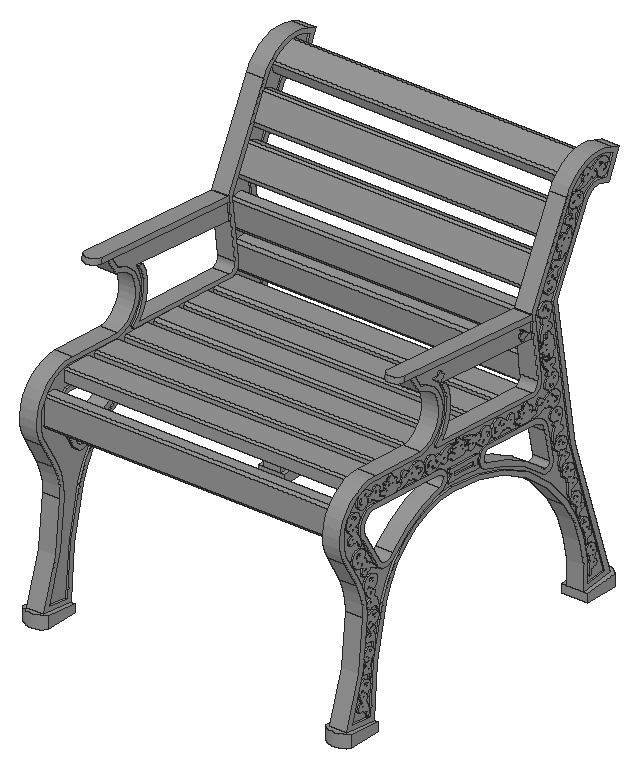
Revit family "Скамейка чугунная «Ретро стиль»", category Мебель, Revit 2017
Family settings
  Номер OmniClass = 23.40.20.00
  Заголовок OmniClass = General Furniture and Specialties
  На основе рабочей плоскости = Нет
  Всегда вертикально = Да
  При загрузке вырезать с полостями = Нет
  Общий = Нет
  Точка расчета площади = Нет
Parameters (values of type "Скамейка чугунная «Ретро стиль» Кресло")
  Стоимость = 16861
  Изготовитель = "ООО \"Хоббика\""
  URL = "https://hobbyka.ru/product/skameika_sadovaia_retro/?sphrase_id=64316"
  ADSK_Размер_Ширина сидения = 480 mm
  ADSK_Размер_Ширина = 650 mm
  ADSK_Размер_Длина = 600 mm
  ADSK_Размер_Высота спинки = 350 mm
  ADSK_Размер_Высота сидения = 380 mm
  ADSK_Размер_Высота = 740 mm
  ADSK_Наименование = "Скамейка чугунная «Ретро стиль» Кресло"
  ADSK_Материал опоры = Чугун, серый
  ADSK_Материал доски = Доска
  ADSK_Код изделия = "7728"
Reference planes
  plane 1 "По центру (Вперед/Назад)": y = 0
  plane 2: z = 0
  plane 3 "По центру (Влево/Вправо)": x = 0
  plane 4: x = 300
  plane 5: x = -300
  plane 6: x = -273
  plane 7: x = 273
Forms (mm)
  Extrusion 1, solid, material "Доска" <- "ADSK_Материал доски"
    sketch origin (0, 0, 0) x (0, 1, 0) y (0, 0, 1)
      loop
        line (-631.259, 334.534) -> (-627.485, 329.713) -> (-608.62, 329.713) -> (-608.62, 387.567) -> (-627.485, 387.567) -> (-631.259, 382.746) -> (-631.259, 334.534)
      loop
        line (-584.592, 388.935) -> (-526.753, 387.622) -> (-526.325, 406.483) -> (-531.059, 410.365) -> (-579.258, 411.459) -> (-584.164, 407.796) -> (-584.592, 388.935)
      loop
        line (-515.303, 387.102) -> (-457.529, 384.074) -> (-456.542, 402.914) -> (-461.159, 406.934) -> (-509.304, 409.457) -> (-514.316, 405.942) -> (-515.303, 387.102)
      loop
        line (-445.399, 383.438) -> (-387.625, 380.41) -> (-386.637, 399.25) -> (-391.255, 403.271) -> (-439.4, 405.794) -> (-444.412, 402.278) -> (-445.399, 383.438)
      loop
        line (-374.508, 398.615) -> (-375.495, 379.775) -> (-317.721, 376.747) -> (-316.733, 395.587) -> (-321.35, 399.607) -> (-369.496, 402.13) -> (-374.508, 398.615)
      loop
        line (-304.604, 394.951) -> (-305.591, 376.111) -> (-247.817, 373.083) -> (-246.829, 391.923) -> (-251.446, 395.943) -> (-299.592, 398.467) -> (-304.604, 394.951)
      loop
        line (-235.687, 372.447) -> (-177.913, 369.42) -> (-176.925, 388.26) -> (-181.542, 392.28) -> (-229.688, 394.803) -> (-234.7, 391.287) -> (-235.687, 372.447)
      loop
        line (-172.781, 393.951) -> (-154.057, 396.263) -> (-161.147, 453.681) -> (-179.871, 451.369) -> (-183.025, 446.122) -> (-177.116, 398.274) -> (-172.781, 393.951)
      loop
        line (-163.636, 471.736) -> (-170.726, 529.153) -> (-189.45, 526.841) -> (-192.604, 521.594) -> (-186.695, 473.746) -> (-182.359, 469.423) -> (-163.636, 471.736)
      loop
        line (-161.798, 547.072) -> (-137.201, 599.437) -> (-154.277, 607.458) -> (-159.742, 604.698) -> (-180.239, 561.061) -> (-178.873, 555.093) -> (-161.798, 547.072)
      loop
        line (-127.785, 619.482) -> (-103.189, 671.847) -> (-120.264, 679.868) -> (-125.729, 677.108) -> (-146.227, 633.471) -> (-144.861, 627.503) -> (-127.785, 619.482)
      loop
        line (-94.157, 693.118) -> (-39.927, 713.27) -> (-46.498, 730.954) -> (-52.331, 732.812) -> (-97.524, 716.019) -> (-100.729, 710.802) -> (-94.157, 693.118)
    from -273 to 273
Dimensions and locks
  equal spacing: plane 5, plane 3 "По центру (Влево/Вправо)", plane 4
  "ADSK_Размер_Длина": plane 5 to plane 4
  locked: plane 5 to plane 6 at 27
  locked: plane 7 to plane 4 at 27
  aligned and locked: level to plane 2
  aligned and locked: plane 5 to nested 1
  aligned and locked: plane 4 to nested 2
  aligned and locked: Extrusion 1 to plane 7
  aligned and locked: Extrusion 1 to plane 6
Automatic sketch dimensions
  plane 1 "По центру (Вперед/Назад)" to Extrusion 1 sketch curve = 631.259 mm
  level to Extrusion 1 sketch curve = 382.746 mm
  Extrusion 1 sketch curve to Extrusion 1 sketch curve = 3.773 mm  (x2)
  Extrusion 1 sketch curve to Extrusion 1 sketch curve = 48.212 mm
  Extrusion 1 sketch curve to Extrusion 1 sketch curve = 4.821 mm  (x2)
  Extrusion 1 sketch curve to Extrusion 1 sketch curve = 18.866 mm
  Extrusion 1 sketch curve to Extrusion 1 sketch curve = 24.456 mm
  Extrusion 1 sketch curve to Extrusion 1 sketch curve = 20.229 mm
  Extrusion 1 sketch curve to Extrusion 1 sketch curve = 0.428 mm
  Extrusion 1 sketch curve to Extrusion 1 sketch curve = 4.906 mm
  Extrusion 1 sketch curve to Extrusion 1 sketch curve = 18.861 mm
  Extrusion 1 sketch curve to Extrusion 1 sketch curve = 3.663 mm
  Extrusion 1 sketch curve to Extrusion 1 sketch curve = 48.199 mm
  Extrusion 1 sketch curve to Extrusion 1 sketch curve = 1.094 mm
  Extrusion 1 sketch curve to Extrusion 1 sketch curve = 4.306 mm
  Extrusion 1 sketch curve to Extrusion 1 sketch curve = 22.743 mm
  Extrusion 1 sketch curve to Extrusion 1 sketch curve = 4.734 mm
  Extrusion 1 sketch curve to Extrusion 1 sketch curve = 3.882 mm
  Extrusion 1 sketch curve to Extrusion 1 sketch curve = 12.009 mm
  Extrusion 1 sketch curve to Extrusion 1 sketch curve = 0.542 mm
  Extrusion 1 sketch curve to Extrusion 1 sketch curve = 11.449 mm
  Extrusion 1 sketch curve to Extrusion 1 sketch curve = 5.012 mm  (x5)
  Extrusion 1 sketch curve to Extrusion 1 sketch curve = 0.521 mm
  Extrusion 1 sketch curve to Extrusion 1 sketch curve = 3.516 mm  (x5)
  Extrusion 1 sketch curve to Extrusion 1 sketch curve = 48.145 mm  (x4)
  Extrusion 1 sketch curve to Extrusion 1 sketch curve = 2.523 mm  (x4)
  Extrusion 1 sketch curve to Extrusion 1 sketch curve = 3.63 mm  (x4)
  Extrusion 1 sketch curve to Extrusion 1 sketch curve = 22.86 mm  (x4)
  Extrusion 1 sketch curve to Extrusion 1 sketch curve = 4.617 mm  (x5)
  Extrusion 1 sketch curve to Extrusion 1 sketch curve = 4.02 mm  (x5)
  Extrusion 1 sketch curve to Extrusion 1 sketch curve = 12.13 mm  (x7)
  Extrusion 1 sketch curve to Extrusion 1 sketch curve = 0.636 mm  (x7)
  Extrusion 1 sketch curve to Extrusion 1 sketch curve = 17.142 mm
  Extrusion 1 sketch curve to Extrusion 1 sketch curve = 2.88 mm
  Extrusion 1 sketch curve to Extrusion 1 sketch curve = 51.775 mm
  Extrusion 1 sketch curve to Extrusion 1 sketch curve = 25.383 mm
  Extrusion 1 sketch curve to Extrusion 1 sketch curve = 0.987 mm
  Extrusion 1 sketch curve to Extrusion 1 sketch curve = 18.84 mm
  Extrusion 1 sketch curve to Extrusion 1 sketch curve = 4.426 mm
  Extrusion 1 sketch curve to Extrusion 1 sketch curve = 5.994 mm
  Extrusion 1 sketch curve to Extrusion 1 sketch curve = 5.909 mm  (x2)
  Extrusion 1 sketch curve to Extrusion 1 sketch curve = 4.336 mm  (x2)
  Extrusion 1 sketch curve to Extrusion 1 sketch curve = 4.322 mm  (x2)
  Extrusion 1 sketch curve to Extrusion 1 sketch curve = 47.848 mm  (x2)
  Extrusion 1 sketch curve to Extrusion 1 sketch curve = 18.724 mm
  Extrusion 1 sketch curve to Extrusion 1 sketch curve = 2.312 mm
  Extrusion 1 sketch curve to Extrusion 1 sketch curve = 21.877 mm  (x2)
  Extrusion 1 sketch curve to Extrusion 1 sketch curve = 7.559 mm  (x2)
  Extrusion 1 sketch curve to Extrusion 1 sketch curve = 3.154 mm  (x2)
  Extrusion 1 sketch curve to Extrusion 1 sketch curve = 5.247 mm  (x2)
  Extrusion 1 sketch curve to Extrusion 1 sketch curve = 2.489 mm  (x2)
  Extrusion 1 sketch curve to Extrusion 1 sketch curve = 18.055 mm  (x2)
  Extrusion 1 sketch curve to Extrusion 1 sketch curve = 8.147 mm
  Extrusion 1 sketch curve to Extrusion 1 sketch curve = 25.94 mm
  Extrusion 1 sketch curve to Extrusion 1 sketch curve = 1.365 mm  (x2)
  Extrusion 1 sketch curve to Extrusion 1 sketch curve = 17.076 mm  (x2)
  Extrusion 1 sketch curve to Extrusion 1 sketch curve = 8.021 mm  (x2)
  Extrusion 1 sketch curve to Extrusion 1 sketch curve = 5.968 mm  (x2)
  Extrusion 1 sketch curve to Extrusion 1 sketch curve = 20.497 mm  (x2)
  Extrusion 1 sketch curve to Extrusion 1 sketch curve = 43.637 mm  (x2)
  Extrusion 1 sketch curve to Extrusion 1 sketch curve = 22.541 mm  (x2)
  Extrusion 1 sketch curve to Extrusion 1 sketch curve = 5.261 mm  (x2)
  Extrusion 1 sketch curve to Extrusion 1 sketch curve = 5.465 mm  (x2)
  Extrusion 1 sketch curve to Extrusion 1 sketch curve = 2.76 mm  (x2)
  Extrusion 1 sketch curve to Extrusion 1 sketch curve = 9.416 mm
  Extrusion 1 sketch curve to Extrusion 1 sketch curve = 20.045 mm
  Extrusion 1 sketch curve to Extrusion 1 sketch curve = 19.536 mm
  Extrusion 1 sketch curve to Extrusion 1 sketch curve = 30.935 mm
  Extrusion 1 sketch curve to Extrusion 1 sketch curve = 3.205 mm
  Extrusion 1 sketch curve to Extrusion 1 sketch curve = 6.571 mm
  Extrusion 1 sketch curve to Extrusion 1 sketch curve = 17.684 mm
  Extrusion 1 sketch curve to Extrusion 1 sketch curve = 5.216 mm
  Extrusion 1 sketch curve to Extrusion 1 sketch curve = 45.192 mm
  Extrusion 1 sketch curve to Extrusion 1 sketch curve = 16.793 mm
  Extrusion 1 sketch curve to Extrusion 1 sketch curve = 12.405 mm
  Extrusion 1 sketch curve to Extrusion 1 sketch curve = 19.542 mm
  Extrusion 1 sketch curve to Extrusion 1 sketch curve = 5.833 mm
  Extrusion 1 sketch curve to Extrusion 1 sketch curve = 1.858 mm
Nested families
  nested 1: "Опора" at (-300, -222.675, 0), Материал <- "ADSK_Материал опоры", type "Опора"
    with Материал Чугун, серый
  nested 2: "Опора" at (300, -222.675, 0) x (-1, 0, 0) z (0, 0, 1), Материал <- "ADSK_Материал опоры", type "Опора"
    with Материал Чугун, серый
Definition of nested family "Опора"
  Parameters (values of type "Опора")
    Материал [instance] = none
  Reference planes
    plane 1 "По центру (Вперед/Назад)": y = 0
    plane 2: z = 0
    plane 3 "По центру (Влево/Вправо)": x = 0
    plane 4 "1": through (0, -265.499, 551.299) normal (0, -0.093, -0.9957)
  Forms (mm)
    Extrusion 1, solid, material <- "Материал"
      sketch origin (0, 0, 0) x (0, 1, 0) y (0, 0, 1)
        loop
          line (-414.876, 22.967) -> (-351.312, 16)
          arc (-351.312, 16) -> (-343.288, 109.903) -> (-323.264, 201.997) r 731.874
          arc (-323.264, 201.997) -> (-264.401, 287.034) -> (-166.064, 319.062) r 161.836
          arc (-166.064, 319.062) -> (-19.437, 282.321) -> (94.621, 183.123) r 324.388
          arc (94.621, 183.123) -> (132.276, 103.627) -> (139.96, 16) r 249.161
          line (139.96, 16) -> (202.402, 22.844)
          arc (202.402, 22.844) -> (120.139, 273.004) -> (78.692, 533.061) r 1651.125
          line (78.692, 533.061) -> (148.595, 669.132)
          arc (148.595, 669.132) -> (165.139, 683.697) -> (187.172, 683.068) r 30.076
          line (187.172, 683.068) -> (199.423, 678.718) -> (222.675, 729.234) -> (205.727, 735.321)
          arc (205.727, 735.321) -> (145.281, 736.172) -> (100.077, 696.034) r 83.565
          line (100.077, 696.034) -> (18.723, 534.606) -> (19.734, 524.657) -> (-265.499, 551.299) -> (-246.717, 521.254)
          arc (-246.717, 521.254) -> (-198.582, 472.873) -> (-240.638, 419.124) r 51.551
          line (-240.638, 419.124) -> (-347.739, 425.825)
          arc (-347.739, 425.825) -> (-419.352, 388.577) -> (-419.913, 307.858) r 78.226
          line (-419.913, 307.858) -> (-391.041, 259.16)
          arc (-391.041, 259.16) -> (-380.145, 230.378) -> (-376.679, 199.798) r 123.904
          arc (-376.679, 199.798) -> (-386.745, 109.431) -> (-414.876, 22.967) r 447.331
        loop
          line (22.79, 490.5) -> (-182.719, 509.695)
          arc (-182.719, 509.695) -> (-172.394, 461.498) -> (-191.466, 416.047) r 82.287
          line (-191.466, 416.047) -> (20.43, 402.788)
          arc (20.43, 402.788) -> (30.669, 407.642) -> (32.001, 418.894) r 11.707
          line (32.001, 418.894) -> (22.79, 490.5)
        loop
          line (-198.361, 361.199) -> (-348.695, 370.605)
          arc (-348.695, 370.605) -> (-371.008, 359) -> (-371.183, 333.85) r 24.374
          line (-371.183, 333.85) -> (-338.031, 277.931)
          arc (-338.031, 277.931) -> (-322.548, 269.111) -> (-307.065, 277.931) r 18
          arc (-307.065, 277.931) -> (-256.623, 316.916) -> (-196.816, 338.99) r 210.248
          arc (-196.816, 338.99) -> (-187.86, 350.771) -> (-198.361, 361.199) r 11.229
        loop
          line (27.876, 347.043) -> (-83.685, 354.023)
          arc (-83.685, 354.023) -> (-94.381, 343.215) -> (-85.116, 331.158) r 11.561
          arc (-85.116, 331.158) -> (-13.922, 304.459) -> (49.884, 263.103) r 352.242
          arc (49.884, 263.103) -> (58.282, 263.697) -> (61.123, 271.621) r 7.705
          arc (61.123, 271.621) -> (54.737, 299.235) -> (48.705, 326.929) r 2211.03
          arc (48.705, 326.929) -> (41.444, 340.252) -> (27.876, 347.043) r 25.352
      from 0 to 32
    Extrusion 2, void
      sketch origin (0, 0, 0) x (0, 1, 0) y (0, 0, 1)
        loop
          line (194.923, 688.075) -> (211.351, 723.765)
          arc (211.351, 723.765) -> (152.618, 730.203) -> (107.206, 692.405) r 75.565
          line (107.206, 692.405) -> (25.691, 530.655) -> (39.82, 420.814)
          arc (39.82, 420.814) -> (36.816, 402.502) -> (19.931, 394.804) r 19.707
          line (19.931, 394.804) -> (-203.744, 408.8) -> (-205.324, 413.316)
          arc (-205.324, 413.316) -> (-180.655, 459.589) -> (-192.694, 510.627) r 74.287
          line (-192.694, 510.627) -> (23.211, 490.461) -> (19.734, 524.657) -> (-255.479, 550.363) -> (-242.01, 528.817)
          arc (-242.01, 528.817) -> (-190.498, 470.732) -> (-240.187, 411.08) r 59.551
          line (-240.187, 411.08) -> (-348.238, 417.841)
          arc (-348.238, 417.841) -> (-412.528, 384.402) -> (-413.032, 311.938) r 70.226
          line (-413.032, 311.938) -> (-384.062, 263.075)
          arc (-384.062, 263.075) -> (-372.394, 232.36) -> (-368.68, 199.715) r 131.904
          arc (-368.68, 199.715) -> (-377.808, 113.067) -> (-403.274, 29.744) r 455.331
          line (-403.274, 29.744) -> (-359.077, 24.899)
          arc (-359.077, 24.899) -> (-350.534, 115.417) -> (-330.954, 204.203) r 739.874
          arc (-330.954, 204.203) -> (-269.182, 293.448) -> (-165.981, 327.062) r 169.836
          arc (-165.981, 327.062) -> (-15.738, 289.414) -> (101.133, 187.77) r 332.388
          arc (101.133, 187.77) -> (138.677, 110.41) -> (148.619, 24.997) r 257.161
          line (148.619, 24.997) -> (190.913, 29.633)
          arc (190.913, 29.633) -> (110.847, 277.429) -> (70.541, 534.701) r 1659.125
          line (70.541, 534.701) -> (141.478, 672.785)
          arc (141.478, 672.785) -> (164.885, 692.017) -> (194.923, 688.075) r 38.076
        loop
          arc (56.542, 328.535) -> (46.83, 346.171) -> (28.738, 355.004) r 33.352
          line (28.738, 355.004) -> (-83.656, 362.037)
          arc (-83.656, 362.037) -> (-102.334, 344.14) -> (-86.924, 323.363) r 19.561
          arc (-86.924, 323.363) -> (-17.184, 297.145) -> (45.28, 256.535) r 344.242
          arc (45.28, 256.535) -> (62.779, 257.074) -> (68.906, 273.474) r 15.705
          arc (68.906, 273.474) -> (62.548, 300.965) -> (56.542, 328.535) r 2203.03
        loop
          arc (-348.196, 378.59) -> (-377.832, 363.175) -> (-378.065, 329.77) r 32.374
          line (-378.065, 329.77) -> (-344.912, 273.851)
          arc (-344.912, 273.851) -> (-323.046, 261.116) -> (-300.708, 273.004) r 26
          arc (-300.708, 273.004) -> (-252.391, 310.114) -> (-195.216, 331.152) r 202.248
          arc (-195.216, 331.152) -> (-179.879, 351.326) -> (-197.861, 369.183) r 19.229
          line (-197.861, 369.183) -> (-348.196, 378.59)
        loop
          arc (-110.524, 355.781) -> (-140.038, 356.222) -> (-169.454, 358.66) r 435.625
          line (-169.454, 358.66) -> (-173.995, 358.882) -> (-174.127, 354.635)
          arc (-174.127, 354.635) -> (-169.331, 347.983) -> (-174.53, 341.641) r 6.725
          line (-174.53, 341.641) -> (-174.686, 336.624) -> (-169.454, 336.282)
          arc (-169.454, 336.282) -> (-140.904, 336.42) -> (-112.616, 332.566) r 203.772
          line (-112.616, 332.566) -> (-105.839, 332.123) -> (-105.622, 337.234)
          arc (-105.622, 337.234) -> (-110.321, 344.44) -> (-105.028, 351.222) r 7.4
          line (-105.028, 351.222) -> (-104.846, 355.504) -> (-110.524, 355.781)
        loop
          arc (-114.986, 349.722) -> (-139.562, 350.193) -> (-164.067, 352.119) r 415.053
          arc (-164.067, 352.119) -> (-163.397, 347.295) -> (-164.654, 342.589) r 12.284
          arc (-164.654, 342.589) -> (-139.954, 342.359) -> (-115.435, 339.372) r 220.861
          arc (-115.435, 339.372) -> (-116.243, 344.592) -> (-114.986, 349.722) r 13.499
      from -30.599 to 5
    Extrusion 3, void
      sketch origin (32, 0, 0) x (0, 1, 0) y (0, 0, -1)
        loop
          arc (194.923, -688.075) -> (164.885, -692.017) -> (141.478, -672.785) r 38.076
          line (141.478, -672.785) -> (70.541, -534.701)
          arc (70.541, -534.701) -> (110.847, -277.429) -> (190.913, -29.633) r 1659.125
          line (190.913, -29.633) -> (148.619, -24.997)
          arc (148.619, -24.997) -> (138.677, -110.41) -> (101.133, -187.77) r 257.161
          arc (101.133, -187.77) -> (-15.738, -289.414) -> (-165.981, -327.062) r 332.388
          arc (-165.981, -327.062) -> (-269.182, -293.448) -> (-330.954, -204.203) r 169.836
          arc (-330.954, -204.203) -> (-350.534, -115.417) -> (-359.077, -24.899) r 739.874
          line (-359.077, -24.899) -> (-403.274, -29.744)
          arc (-403.274, -29.744) -> (-377.808, -113.067) -> (-368.68, -199.715) r 455.331
          arc (-368.68, -199.715) -> (-372.394, -232.36) -> (-384.062, -263.075) r 131.904
          line (-384.062, -263.075) -> (-413.032, -311.938)
          arc (-413.032, -311.938) -> (-412.528, -384.402) -> (-348.238, -417.841) r 70.226
          line (-348.238, -417.841) -> (-240.187, -411.08)
          arc (-240.187, -411.08) -> (-190.498, -470.732) -> (-242.01, -528.817) r 59.551
          line (-242.01, -528.817) -> (-255.479, -550.363) -> (19.734, -524.657) -> (23.211, -490.461) -> (-192.694, -510.627)
          arc (-192.694, -510.627) -> (-180.655, -459.589) -> (-205.324, -413.316) r 74.287
          line (-205.324, -413.316) -> (-203.744, -408.8) -> (19.931, -394.804)
          arc (19.931, -394.804) -> (36.816, -402.502) -> (39.82, -420.814) r 19.707
          line (39.82, -420.814) -> (25.691, -530.655) -> (107.206, -692.405)
          arc (107.206, -692.405) -> (152.618, -730.203) -> (211.351, -723.765) r 75.565
          line (211.351, -723.765) -> (194.923, -688.075)
        loop
          arc (56.542, -328.535) -> (62.548, -300.965) -> (68.906, -273.474) r 2203.03
          arc (68.906, -273.474) -> (62.779, -257.074) -> (45.28, -256.535) r 15.705
          arc (45.28, -256.535) -> (-17.184, -297.145) -> (-86.924, -323.363) r 344.242
          arc (-86.924, -323.363) -> (-102.334, -344.14) -> (-83.656, -362.037) r 19.561
          line (-83.656, -362.037) -> (28.738, -355.004)
          arc (28.738, -355.004) -> (46.83, -346.171) -> (56.542, -328.535) r 33.352
        loop
          line (-348.196, -378.59) -> (-197.861, -369.183)
          arc (-197.861, -369.183) -> (-179.879, -351.326) -> (-195.216, -331.152) r 19.229
          arc (-195.216, -331.152) -> (-252.391, -310.114) -> (-300.708, -273.004) r 202.248
          arc (-300.708, -273.004) -> (-323.046, -261.116) -> (-344.912, -273.851) r 26
          line (-344.912, -273.851) -> (-378.065, -329.77)
          arc (-378.065, -329.77) -> (-377.832, -363.175) -> (-348.196, -378.59) r 32.374
        loop
          line (-110.524, -355.781) -> (-104.846, -355.504) -> (-105.028, -351.222)
          arc (-105.028, -351.222) -> (-110.321, -344.44) -> (-105.622, -337.234) r 7.4
          line (-105.622, -337.234) -> (-105.839, -332.123) -> (-112.616, -332.566)
          arc (-112.616, -332.566) -> (-140.904, -336.42) -> (-169.454, -336.282) r 203.772
          line (-169.454, -336.282) -> (-174.686, -336.624) -> (-174.53, -341.641)
          arc (-174.53, -341.641) -> (-169.331, -347.983) -> (-174.127, -354.635) r 6.725
          line (-174.127, -354.635) -> (-173.995, -358.882) -> (-169.454, -358.66)
          arc (-169.454, -358.66) -> (-140.038, -356.222) -> (-110.524, -355.781) r 435.625
        loop
          arc (-114.986, -349.722) -> (-116.243, -344.592) -> (-115.435, -339.372) r 13.499
          arc (-115.435, -339.372) -> (-139.954, -342.359) -> (-164.654, -342.589) r 220.861
          arc (-164.654, -342.589) -> (-163.397, -347.295) -> (-164.067, -352.119) r 12.284
          arc (-164.067, -352.119) -> (-139.562, -350.193) -> (-114.986, -349.722) r 415.053
      from -30.599 to 5
    Extrusion 4, solid, material <- "Материал"
      sketch origin (0, 48.752, 521.947) x (0, -0.995666, 0.092999) y (-1, 0, 0)
        loop
          line (31.076, -32) -> (329.844, -32)
          arc (329.844, -32) -> (345.844, -16) -> (329.844, 0) r 16
          line (329.844, 0) -> (31.076, 0) -> (31.076, -32)
      from 0 to -9.812
    Extrusion 5, solid, material <- "Материал"
      sketch origin (0, 0, 0) x (1, 0, 0) y (0, 1, 0)
        loop
          arc (40, 202.402) -> (16, 214.402) -> (-8, 202.402) r 30
          line (-8, 202.402) -> (-8, 139.96) -> (40, 139.96) -> (40, 202.402)
        loop
          line (40, -413.754) -> (40, -351.312) -> (-8, -351.312) -> (-8, -413.754)
          arc (-8, -413.754) -> (16, -425.754) -> (40, -413.754) r 30
      from 0 to 70.557
    Extrusion 6, void
      sketch origin (0, 0, 0) x (0, 1, 0) y (0, 0, 1)
        loop
          line (-443.576, 26.113) -> (-351.312, 16) -> (139.96, 16) -> (251.424, 28.218) -> (251.424, 91.113) -> (-443.576, 91.113) -> (-443.576, 26.113)
      from -53.662 to 79.531
    Extrusion 7, solid, material <- "Материал"
      sketch origin (0, 0, 0) x (0, 1, 0) y (0, 0, 1)
        loop
          spline (194.682, 697.503) -> (196.421, 699.184) -> (197.903, 701.075) -> (199.1, 703.142) -> (199.989, 705.346) -> (200.555, 707.645) -> (200.786, 709.997) -> (200.678, 712.358) -> (200.234, 714.684) -> (199.461, 716.931) -> (198.374, 719.058) -> (196.993, 721.025) -> (195.344, 722.794)
          spline (195.344, 722.794) -> (193.958, 723.964) -> (192.451, 724.99) -> (190.841, 725.861) -> (189.145, 726.569) -> (187.381, 727.105) -> (185.569, 727.463) -> (183.728, 727.64) -> (181.878, 727.634) -> (180.04, 727.444) -> (178.232, 727.074) -> (176.476, 726.526) -> (174.789, 725.807)
          spline (174.789, 725.807) -> (173.119, 724.966) -> (171.473, 724.084) -> (169.852, 723.161) -> (168.257, 722.199) -> (166.69, 721.196) -> (165.15, 720.155) -> (163.639, 719.076) -> (162.159, 717.959) -> (160.71, 716.806) -> (159.294, 715.617) -> (157.91, 714.393) -> (156.561, 713.135)
          spline (156.561, 713.135) -> (156.723, 714.218) -> (156.751, 715.312) -> (156.646, 716.402) -> (156.409, 717.474) -> (156.043, 718.512) -> (155.553, 719.503) -> (154.946, 720.434) -> (154.229, 721.291) -> (153.414, 722.064) -> (152.51, 722.742) -> (151.53, 723.316) -> (150.486, 723.777)
          spline (150.486, 723.777) -> (149.1, 724.261) -> (147.637, 724.441) -> (146.169, 724.308) -> (144.769, 723.868) -> (143.507, 723.143) -> (142.446, 722.169) -> (141.638, 720.995) -> (141.124, 719.68) -> (140.929, 718.287) -> (141.064, 716.888) -> (141.52, 715.551) -> (142.276, 714.342)
          spline (142.276, 714.342) -> (143.141, 714.116) -> (144.031, 714.019) -> (144.926, 714.054) -> (145.805, 714.22) -> (146.646, 714.513) -> (147.429, 714.925) -> (148.136, 715.448) -> (148.75, 716.069) -> (149.256, 716.772) -> (149.642, 717.541) -> (149.899, 718.358) -> (150.021, 719.203)
          spline (150.021, 719.203) -> (150.871, 718.503) -> (151.617, 717.702) -> (152.244, 716.813) -> (152.741, 715.853) -> (153.1, 714.839) -> (153.314, 713.788) -> (153.379, 712.72) -> (153.294, 711.654) -> (153.061, 710.609) -> (152.683, 709.603) -> (152.168, 708.653) -> (151.525, 707.778)
          spline (151.525, 707.778) -> (151.225, 709.19) -> (150.552, 710.481) -> (149.551, 711.563) -> (148.291, 712.362) -> (146.858, 712.823) -> (145.349, 712.916) -> (143.868, 712.634) -> (142.514, 711.996) -> (141.381, 711.046) -> (140.545, 709.848) -> (140.064, 708.484) -> (139.971, 707.047)
          spline (139.971, 707.047) -> (140.353, 707.241) -> (140.775, 707.339) -> (141.209, 707.333) -> (141.628, 707.225) -> (142.005, 707.021) -> (142.318, 706.734) -> (142.547, 706.382) -> (142.677, 705.988) -> (142.699, 705.575) -> (142.614, 705.17) -> (142.425, 704.798) -> (142.145, 704.483)
          spline (142.145, 704.483) -> (140.928, 703.564) -> (139.671, 702.693) -> (138.378, 701.872) -> (137.05, 701.104) -> (135.689, 700.388) -> (134.298, 699.727) -> (132.88, 699.122) -> (131.436, 698.573) -> (129.97, 698.081) -> (128.483, 697.648) -> (126.979, 697.274) -> (125.459, 696.96)
          line (125.459, 696.96) -> (125.214, 695.909)
          spline (125.214, 695.909) -> (128.378, 695.412) -> (131.574, 695.161) -> (134.78, 695.16) -> (137.974, 695.408) -> (141.136, 695.903) -> (144.245, 696.642) -> (147.279, 697.62) -> (150.218, 698.831) -> (153.044, 700.267) -> (155.736, 701.918) -> (158.278, 703.773) -> (160.652, 705.819)
          spline (160.652, 705.819) -> (161.071, 705.991) -> (161.524, 706.046) -> (161.975, 705.981) -> (162.391, 705.8) -> (162.739, 705.518) -> (162.992, 705.155) -> (163.131, 704.741) -> (163.146, 704.306) -> (163.034, 703.884) -> (162.805, 703.509) -> (162.477, 703.207) -> (162.074, 703.004)
          spline (162.074, 703.004) -> (163.214, 702.213) -> (164.548, 701.776) -> (165.957, 701.732) -> (167.315, 702.085) -> (168.504, 702.803) -> (169.417, 703.823) -> (169.974, 705.054) -> (170.125, 706.388) -> (169.858, 707.706) -> (169.195, 708.892) -> (168.195, 709.841) -> (166.948, 710.468)
          spline (166.948, 710.468) -> (166.144, 710.854) -> (165.471, 711.423) -> (164.974, 712.137) -> (164.686, 712.949) -> (164.627, 713.803) -> (164.801, 714.642) -> (165.195, 715.411) -> (165.784, 716.056) -> (166.527, 716.535) -> (167.376, 716.815) -> (168.272, 716.878) -> (169.156, 716.719)
          spline (169.156, 716.719) -> (169.689, 716.503) -> (170.176, 716.202) -> (170.601, 715.826) -> (170.952, 715.386) -> (171.218, 714.896) -> (171.392, 714.369) -> (171.468, 713.822) -> (171.444, 713.27) -> (171.32, 712.732) -> (171.101, 712.221) -> (170.793, 711.755) -> (170.405, 711.346)
          line (170.405, 711.346) -> (171.35, 710.712)
          spline (171.35, 710.712) -> (172.512, 710.893) -> (173.62, 711.27) -> (174.638, 711.83) -> (175.535, 712.555) -> (176.28, 713.421) -> (176.849, 714.401) -> (177.225, 715.463) -> (177.395, 716.572) -> (177.354, 717.693) -> (177.102, 718.789) -> (176.648, 719.825) -> (176.007, 720.767)
          spline (176.007, 720.767) -> (175.803, 721.078) -> (175.672, 721.423) -> (175.621, 721.786) -> (175.652, 722.151) -> (175.763, 722.502) -> (175.949, 722.822) -> (176.202, 723.097) -> (176.511, 723.315) -> (176.861, 723.466) -> (177.237, 723.542) -> (177.622, 723.542) -> (177.998, 723.463)
          spline (177.998, 723.463) -> (178.557, 723.264) -> (179.099, 723.026) -> (179.622, 722.751) -> (180.122, 722.441) -> (180.597, 722.096) -> (181.045, 721.72) -> (181.462, 721.313) -> (181.847, 720.878) -> (182.198, 720.418) -> (182.512, 719.934) -> (182.788, 719.43) -> (183.025, 718.908)
          spline (183.025, 718.908) -> (183.513, 717.946) -> (184.153, 717.068) -> (184.929, 716.297) -> (185.823, 715.65) -> (186.811, 715.145) -> (187.87, 714.793) -> (188.974, 714.603) -> (190.094, 714.58) -> (191.204, 714.725) -> (192.276, 715.034) -> (193.284, 715.499) -> (194.202, 716.109)
          spline (194.202, 716.109) -> (195.316, 714.781) -> (196.114, 713.262) -> (196.563, 711.619) -> (196.641, 709.923) -> (196.346, 708.25) -> (195.691, 706.674) -> (194.704, 705.263) -> (193.429, 704.081) -> (191.923, 703.179) -> (190.251, 702.597) -> (188.487, 702.36) -> (186.709, 702.48)
          spline (186.709, 702.48) -> (185.742, 702.82) -> (184.961, 703.462) -> (184.465, 704.324) -> (184.316, 705.295) -> (184.534, 706.254) -> (185.092, 707.078) -> (185.918, 707.663) -> (186.907, 707.935) -> (187.934, 707.859) -> (188.87, 707.445) -> (189.594, 706.745) -> (190.016, 705.849)
          spline (190.016, 705.849) -> (190.199, 707.215) -> (190.107, 708.59) -> (189.744, 709.924) -> (189.124, 711.17) -> (188.268, 712.283) -> (187.208, 713.223) -> (185.981, 713.955) -> (184.632, 714.454) -> (183.208, 714.702) -> (181.762, 714.69) -> (180.345, 714.417) -> (179.008, 713.895)
          spline (179.008, 713.895) -> (177.813, 713.192) -> (176.732, 712.338) -> (175.785, 711.351) -> (174.99, 710.247) -> (174.363, 709.05) -> (173.916, 707.782) -> (173.657, 706.466) -> (173.59, 705.128) -> (173.718, 703.794) -> (174.038, 702.489) -> (174.544, 701.238) -> (175.226, 700.065)
          spline (175.226, 700.065) -> (176.345, 698.652) -> (177.663, 697.406) -> (179.155, 696.352) -> (180.789, 695.511) -> (182.532, 694.9) -> (184.348, 694.533) -> (186.2, 694.417) -> (188.049, 694.554) -> (189.859, 694.942) -> (191.59, 695.572) -> (193.209, 696.431) -> (194.682, 697.503)
        loop
          arc (139.226, 683.475) -> (131.489, 693.342) -> (118.994, 694.414) r 15.725
          arc (118.994, 694.414) -> (111.392, 688.786) -> (108.522, 679.774) r 15.376
          arc (108.522, 679.774) -> (109.335, 669.996) -> (111.667, 660.465) r 62.537
          arc (111.667, 660.465) -> (106.113, 662.312) -> (100.671, 660.159) r 8.563
          arc (100.671, 660.159) -> (98.832, 653.284) -> (105.107, 649.925) r 5.728
          arc (105.107, 649.925) -> (106.648, 654.148) -> (104.195, 657.914) r 5.025
          arc (104.195, 657.914) -> (109.869, 658.225) -> (114.039, 654.366) r 7.282
          arc (114.039, 654.366) -> (107.463, 651.712) -> (110.117, 645.137) r 5.014
          arc (110.117, 645.137) -> (111.288, 646.822) -> (113.043, 645.759) r 1.499
          arc (113.043, 645.759) -> (113.831, 637.736) -> (112.619, 629.765) r 32.5
          line (112.619, 629.765) -> (113.375, 629.143)
          arc (113.375, 629.143) -> (120.217, 644.149) -> (119.192, 660.61) r 34
          arc (119.192, 660.61) -> (120.645, 662.144) -> (122.029, 660.548) r 1.425
          arc (122.029, 660.548) -> (124.234, 666.559) -> (117.886, 667.391) r 4.1
          arc (117.886, 667.391) -> (113.665, 667.453) -> (113.684, 671.674) r 3
          arc (113.684, 671.674) -> (116.462, 672.433) -> (118.525, 670.424) r 2.901
          line (118.525, 670.424) -> (119.408, 670.893)
          arc (119.408, 670.893) -> (118.568, 676.663) -> (113.081, 678.637) r 5.667
          arc (113.081, 678.637) -> (111.394, 679.44) -> (111.675, 681.287) r 1.567
          arc (111.675, 681.287) -> (114.278, 682.922) -> (117.329, 683.293) r 7.045
          arc (117.329, 683.293) -> (122.557, 685.34) -> (123.965, 690.775) r 6.173
          arc (123.965, 690.775) -> (132.19, 688.035) -> (132.079, 679.366) r 7.347
          arc (132.079, 679.366) -> (127.722, 680.012) -> (130.642, 683.311) r 2.505
          arc (130.642, 683.311) -> (123.57, 684.181) -> (119.821, 678.122) r 6.606
          arc (119.821, 678.122) -> (122.785, 671.667) -> (129.548, 669.498) r 8.808
          arc (129.548, 669.498) -> (137.594, 674.266) -> (139.226, 683.475) r 11.211
        loop
          line (107.122, 616.027) -> (113.092, 627.069) -> (111.757, 628.358)
          arc (111.757, 628.358) -> (110.335, 632.653) -> (111.757, 636.948) r 7.195
          arc (111.757, 636.948) -> (110.649, 640.523) -> (106.937, 640.04) r 2.906
          arc (106.937, 640.04) -> (103.259, 632.058) -> (106.406, 623.851) r 11.314
          line (106.406, 623.851) -> (103.449, 625.748)
          arc (103.449, 625.748) -> (102.371, 631.12) -> (99.255, 635.627) r 13.557
          arc (99.255, 635.627) -> (95.882, 635.877) -> (94.712, 639.051) r 3.125
          arc (94.712, 639.051) -> (92.137, 637.29) -> (91.154, 634.329) r 4.884
          arc (91.154, 634.329) -> (92.22, 632.589) -> (92.851, 630.65) r 8.695
          arc (92.851, 630.65) -> (93.723, 631.044) -> (94.612, 631.397) r 20.344
          arc (94.612, 631.397) -> (96.322, 628.768) -> (96.156, 625.636) r 5.065
          line (96.156, 625.636) -> (92.634, 627.54)
          arc (92.634, 627.54) -> (90.781, 631.498) -> (87.457, 634.334) r 10.327
          line (87.457, 634.334) -> (86.227, 634.169)
          arc (86.227, 634.169) -> (87.552, 632.424) -> (87.051, 630.291) r 2.571
          line (87.051, 630.291) -> (83.997, 632.624) -> (83.901, 630.819) -> (82.641, 632.22) -> (76.768, 632.439) -> (80.167, 627.645) -> (82.029, 627.358) -> (80.571, 626.289) -> (84.196, 625.01)
          arc (84.196, 625.01) -> (82.686, 623.423) -> (80.5, 623.577) r 2.571
          line (80.5, 623.577) -> (81.035, 622.457)
          arc (81.035, 622.457) -> (85.229, 621.229) -> (89.555, 621.845) r 10.327
          line (89.555, 621.845) -> (93.077, 619.941)
          arc (93.077, 619.941) -> (90.547, 618.087) -> (87.411, 618.078) r 5.065
          arc (87.411, 618.078) -> (87.219, 619.016) -> (87.072, 619.961) r 20.344
          arc (87.072, 619.961) -> (85.103, 619.427) -> (83.064, 619.367) r 8.695
          arc (83.064, 619.367) -> (81.125, 616.923) -> (81.061, 613.804) r 4.884
          arc (81.061, 613.804) -> (84.357, 614.562) -> (86.414, 611.877) r 3.125
          arc (86.414, 611.877) -> (91.891, 611.737) -> (96.976, 613.777) r 13.557
          line (96.976, 613.777) -> (100.183, 612.341)
          arc (100.183, 612.341) -> (91.593, 610.481) -> (86.927, 603.033) r 11.314
          arc (86.927, 603.033) -> (88.555, 599.662) -> (92.154, 600.692) r 2.906
          arc (92.154, 600.692) -> (94.969, 604.234) -> (99.341, 605.396) r 7.195
          line (99.341, 605.396) -> (101.151, 604.984) -> (107.122, 616.027)
        loop
          arc (68.287, 551.572) -> (75.099, 557.98) -> (74.683, 567.323) r 11.211
          arc (74.683, 567.323) -> (69.164, 571.795) -> (62.14, 570.74) r 8.808
          arc (62.14, 570.74) -> (59.123, 564.286) -> (63.723, 558.845) r 6.606
          arc (63.723, 558.845) -> (64.884, 563.094) -> (67.811, 559.802) r 2.505
          arc (67.811, 559.802) -> (60.618, 554.962) -> (53.821, 560.345) r 7.347
          arc (53.821, 560.345) -> (57.598, 564.499) -> (56.448, 569.994) r 6.173
          arc (56.448, 569.994) -> (55.088, 572.751) -> (55.031, 575.824) r 7.045
          arc (55.031, 575.824) -> (56.423, 577.071) -> (58.019, 576.098) r 1.567
          arc (58.019, 576.098) -> (62.617, 572.594) -> (67.896, 574.948) r 5.667
          line (67.896, 574.948) -> (67.798, 576.018)
          arc (67.798, 576.018) -> (65.033, 576.692) -> (64.175, 579.406) r 2.901
          arc (64.175, 579.406) -> (67.696, 581.734) -> (70.059, 578.236) r 3
          arc (70.059, 578.236) -> (74.232, 573.379) -> (78.054, 578.516) r 4.1
          arc (78.054, 578.516) -> (75.961, 578.8) -> (76.45, 580.856) r 1.425
          arc (76.45, 580.856) -> (90.784, 589.012) -> (99.594, 602.954) r 34
          line (99.594, 602.954) -> (98.66, 603.245)
          arc (98.66, 603.245) -> (92.654, 597.867) -> (85.509, 594.132) r 32.5
          arc (85.509, 594.132) -> (83.659, 595.02) -> (84.427, 596.922) r 1.499
          arc (84.427, 596.922) -> (77.472, 595.542) -> (78.852, 588.587) r 5.014
          arc (78.852, 588.587) -> (73.339, 589.963) -> (70.493, 594.881) r 7.282
          arc (70.493, 594.881) -> (74.988, 594.891) -> (77.677, 598.492) r 5.025
          arc (77.677, 598.492) -> (71.431, 601.904) -> (66.685, 596.6) r 5.728
          arc (66.685, 596.6) -> (67.864, 590.868) -> (72.45, 587.232) r 8.563
          arc (72.45, 587.232) -> (63.198, 583.965) -> (54.571, 579.29) r 62.537
          arc (54.571, 579.29) -> (48.601, 571.954) -> (48.055, 562.511) r 15.376
          arc (48.055, 562.511) -> (55.793, 552.643) -> (68.287, 551.572) r 15.725
        loop
          arc (37.329, 535.851) -> (35.52, 526.675) -> (41.298, 519.321) r 11.211
          arc (41.298, 519.321) -> (48.388, 518.897) -> (53.485, 523.844) r 8.808
          arc (53.485, 523.844) -> (52.181, 530.848) -> (45.273, 532.594) r 6.606
          arc (45.273, 532.594) -> (46.803, 528.463) -> (42.507, 529.436) r 2.505
          arc (42.507, 529.436) -> (45.538, 537.559) -> (54.198, 537.138) r 7.347
          arc (54.198, 537.138) -> (53.545, 531.562) -> (57.679, 527.764) r 6.173
          arc (57.679, 527.764) -> (60.389, 526.314) -> (62.225, 523.848) r 7.045
          arc (62.225, 523.848) -> (61.819, 522.024) -> (59.955, 521.886) r 1.567
          arc (59.955, 521.886) -> (54.126, 522.03) -> (51.256, 516.955) r 5.667
          line (51.256, 516.955) -> (51.91, 516.198)
          arc (51.91, 516.198) -> (54.56, 517.325) -> (56.876, 515.613) r 2.901
          arc (56.876, 515.613) -> (55.367, 511.67) -> (51.409, 513.139) r 3
          arc (51.409, 513.139) -> (45.189, 514.659) -> (45.072, 508.257) r 4.1
          arc (45.072, 508.257) -> (46.939, 509.245) -> (47.738, 507.289) r 1.425
          arc (47.738, 507.289) -> (40.831, 492.313) -> (41.783, 475.848) r 34
          line (41.783, 475.848) -> (42.713, 476.155)
          arc (42.713, 476.155) -> (44.465, 484.024) -> (48.101, 491.22) r 32.5
          arc (48.101, 491.22) -> (50.122, 491.575) -> (50.605, 489.581) r 1.499
          arc (50.605, 489.581) -> (55.456, 494.752) -> (50.285, 499.604) r 5.014
          arc (50.285, 499.604) -> (55.569, 501.694) -> (60.746, 499.352) r 7.282
          arc (60.746, 499.352) -> (57.097, 496.728) -> (57.007, 492.234) r 5.025
          arc (57.007, 492.234) -> (64.072, 493.096) -> (64.844, 500.171) r 5.728
          arc (64.844, 500.171) -> (60.548, 504.146) -> (54.703, 504.433) r 8.563
          arc (54.703, 504.433) -> (60.323, 512.475) -> (64.617, 521.297) r 62.537
          arc (64.617, 521.297) -> (65.2, 530.738) -> (60.148, 538.734) r 15.376
          arc (60.148, 538.734) -> (48.112, 542.253) -> (37.329, 535.851) r 15.725
        loop
          line (70.574, 467.06) -> (69, 479.514) -> (67.165, 479.785)
          arc (67.165, 479.785) -> (63.508, 482.449) -> (62.164, 486.77) r 7.195
          arc (62.164, 486.77) -> (59.182, 489.031) -> (56.445, 486.478) r 2.906
          arc (56.445, 486.478) -> (58.102, 477.846) -> (65.437, 473.005) r 11.314
          line (65.437, 473.005) -> (61.928, 472.826)
          arc (61.928, 472.826) -> (57.925, 476.567) -> (52.768, 478.418) r 13.557
          arc (52.768, 478.418) -> (49.88, 476.658) -> (47.081, 478.557) r 3.125
          arc (47.081, 478.557) -> (46.012, 475.626) -> (46.936, 472.646) r 4.884
          arc (46.936, 472.646) -> (48.816, 471.852) -> (50.458, 470.643) r 8.695
          arc (50.458, 470.643) -> (50.937, 471.471) -> (51.455, 472.276) r 20.344
          arc (51.455, 472.276) -> (54.376, 471.133) -> (56.064, 468.49) r 5.065
          line (56.064, 468.49) -> (52.092, 467.988)
          arc (52.092, 467.988) -> (48.281, 470.127) -> (43.927, 470.498) r 10.327
          line (43.927, 470.498) -> (43.023, 469.648)
          arc (43.023, 469.648) -> (45.117, 469.001) -> (45.951, 466.975) r 2.571
          line (45.951, 466.975) -> (42.109, 467.093) -> (43.082, 465.57) -> (41.243, 465.976) -> (36.34, 462.735) -> (41.894, 460.816) -> (43.575, 461.666) -> (43.012, 459.949) -> (46.703, 461.019)
          arc (46.703, 461.019) -> (46.399, 458.849) -> (44.533, 457.702) r 2.571
          line (44.533, 457.702) -> (45.619, 457.103)
          arc (45.619, 457.103) -> (49.744, 458.545) -> (52.904, 461.565) r 10.327
          line (52.904, 461.565) -> (56.875, 462.067)
          arc (56.875, 462.067) -> (55.898, 459.087) -> (53.353, 457.254) r 5.065
          arc (53.353, 457.254) -> (52.651, 457.904) -> (51.981, 458.587) r 20.344
          arc (51.981, 458.587) -> (50.691, 457.007) -> (49.068, 455.771) r 8.695
          arc (49.068, 455.771) -> (48.914, 452.655) -> (50.678, 450.082) r 4.884
          arc (50.678, 450.082) -> (52.917, 452.617) -> (56.152, 451.631) r 3.125
          arc (56.152, 451.631) -> (60.687, 454.706) -> (63.634, 459.325) r 13.557
          line (63.634, 459.325) -> (67.077, 460.024)
          arc (67.077, 460.024) -> (61.176, 453.511) -> (61.718, 444.739) r 11.314
          arc (61.718, 444.739) -> (65.004, 442.946) -> (67.33, 445.878) r 2.906
          arc (67.33, 445.878) -> (67.557, 450.397) -> (70.436, 453.887) r 7.195
          line (70.436, 453.887) -> (72.147, 454.606) -> (70.574, 467.06)
        loop
          arc (44.873, 451.389) -> (48.045, 435.204) -> (58.46, 422.416) r 34
          arc (58.46, 422.416) -> (58.173, 420.323) -> (56.118, 420.815) r 1.425
          arc (56.118, 420.815) -> (57.824, 414.644) -> (63.471, 417.663) r 4.1
          arc (63.471, 417.663) -> (66.939, 420.07) -> (69.38, 416.626) r 3
          arc (69.38, 416.626) -> (67.563, 414.392) -> (64.716, 414.824) r 2.901
          line (64.716, 414.824) -> (64.271, 413.929)
          arc (64.271, 413.929) -> (68.313, 409.726) -> (73.924, 411.316) r 5.667
          arc (73.924, 411.316) -> (75.763, 411.645) -> (76.61, 409.98) r 1.567
          arc (76.61, 409.98) -> (75.445, 407.135) -> (73.18, 405.057) r 7.045
          arc (73.18, 405.057) -> (70.121, 400.349) -> (72.14, 395.111) r 6.173
          arc (72.14, 395.111) -> (63.857, 392.55) -> (58.901, 399.664) r 7.347
          arc (58.901, 399.664) -> (62.82, 401.675) -> (62.366, 397.293) r 2.505
          arc (62.366, 397.293) -> (68.622, 400.702) -> (68.144, 407.811) r 6.606
          arc (68.144, 407.811) -> (61.976, 411.334) -> (55.214, 409.16) r 8.808
          arc (55.214, 409.16) -> (51.447, 400.6) -> (55.481, 392.162) r 11.211
          arc (55.481, 392.162) -> (67.517, 388.643) -> (78.3, 395.045) r 15.725
          arc (78.3, 395.045) -> (81.205, 404.046) -> (78.292, 413.045) r 15.376
          arc (78.292, 413.045) -> (71.939, 420.522) -> (64.495, 426.914) r 62.537
          arc (64.495, 426.914) -> (70.086, 428.646) -> (73.258, 433.564) r 8.563
          arc (73.258, 433.564) -> (70.751, 440.225) -> (63.694, 439.303) r 5.728
          arc (63.694, 439.303) -> (64.899, 434.973) -> (69.086, 433.339) r 5.025
          arc (69.086, 433.339) -> (64.654, 429.782) -> (59.016, 430.493) r 7.282
          arc (59.016, 430.493) -> (62.818, 436.479) -> (56.833, 440.28) r 5.014
          arc (56.833, 440.28) -> (56.861, 438.229) -> (54.816, 438.07) r 1.499
          arc (54.816, 438.07) -> (49.504, 444.136) -> (45.85, 451.322) r 32.5
          line (45.85, 451.322) -> (44.873, 451.389)
        loop
          arc (79.13, 358.688) -> (84.862, 369.842) -> (80.614, 381.64) r 15.725
          arc (80.614, 381.64) -> (72.325, 386.195) -> (62.938, 385.037) r 15.376
          arc (62.938, 385.037) -> (54.394, 380.212) -> (46.71, 374.111) r 62.537
          arc (46.71, 374.111) -> (46.067, 379.928) -> (41.837, 383.973) r 8.563
          arc (41.837, 383.973) -> (34.822, 382.771) -> (34.393, 375.667) r 5.728
          arc (34.393, 375.667) -> (38.873, 376.031) -> (41.269, 379.834) r 5.025
          arc (41.269, 379.834) -> (43.924, 374.809) -> (42.159, 369.408) r 7.282
          arc (42.159, 369.408) -> (37.001, 374.273) -> (32.136, 369.115) r 5.014
          arc (32.136, 369.115) -> (34.156, 368.755) -> (33.925, 366.716) r 1.499
          arc (33.925, 366.716) -> (26.964, 362.647) -> (19.216, 360.418) r 32.5
          line (19.216, 360.418) -> (18.967, 359.471)
          arc (18.967, 359.471) -> (35.459, 359.526) -> (49.986, 367.335) r 34
          arc (49.986, 367.335) -> (51.987, 366.657) -> (51.115, 364.732) r 1.425
          arc (51.115, 364.732) -> (57.498, 365.24) -> (55.601, 371.356) r 4.1
          arc (55.601, 371.356) -> (53.893, 375.216) -> (57.736, 376.963) r 3
          arc (57.736, 376.963) -> (59.586, 374.756) -> (58.624, 372.042) r 2.901
          line (58.624, 372.042) -> (59.419, 371.436)
          arc (59.419, 371.436) -> (64.31, 374.61) -> (63.81, 380.42) r 5.667
          arc (63.81, 380.42) -> (63.834, 382.288) -> (65.63, 382.805) r 1.567
          arc (65.63, 382.805) -> (68.203, 381.124) -> (69.816, 378.506) r 7.045
          arc (69.816, 378.506) -> (73.859, 374.612) -> (79.385, 375.604) r 6.173
          arc (79.385, 375.604) -> (80.334, 366.986) -> (72.411, 363.465) r 7.347
          arc (72.411, 363.465) -> (71.177, 367.693) -> (75.394, 366.419) r 2.505
          arc (75.394, 366.419) -> (73.23, 373.207) -> (66.159, 374.082) r 6.606
          arc (66.159, 374.082) -> (61.533, 368.692) -> (62.389, 361.64) r 8.808
          arc (62.389, 361.64) -> (70.082, 356.323) -> (79.13, 358.688) r 11.211
        loop
          arc (65.183, 347.818) -> (63.973, 339.677) -> (69.357, 333.452) r 9.866
          arc (69.357, 333.452) -> (75.607, 333.374) -> (79.883, 337.933) r 7.751
          arc (79.883, 337.933) -> (78.446, 344.036) -> (72.301, 345.284) r 5.813
          arc (72.301, 345.284) -> (73.817, 341.716) -> (70, 342.394) r 2.205
          arc (70, 342.394) -> (72.328, 349.66) -> (79.958, 349.649) r 6.466
          arc (79.958, 349.649) -> (79.615, 344.72) -> (83.406, 341.553) r 5.432
          arc (83.406, 341.553) -> (85.849, 340.391) -> (87.565, 338.299) r 6.199
          arc (87.565, 338.299) -> (87.283, 336.679) -> (85.651, 336.481) r 1.379
          arc (85.651, 336.481) -> (80.521, 336.366) -> (78.208, 331.785) r 4.987
          line (78.208, 331.785) -> (78.815, 331.147)
          arc (78.815, 331.147) -> (81.098, 332.247) -> (83.204, 330.838) r 2.553
          arc (83.204, 330.838) -> (82.041, 327.31) -> (78.501, 328.437) r 2.64
          arc (78.501, 328.437) -> (72.971, 329.515) -> (73.133, 323.883) r 3.608
          arc (73.133, 323.883) -> (74.734, 324.829) -> (75.517, 323.143) r 1.254
          arc (75.517, 323.143) -> (70.066, 309.692) -> (71.586, 295.258) r 29.92
          line (71.586, 295.258) -> (72.39, 295.567)
          arc (72.39, 295.567) -> (73.605, 302.557) -> (76.502, 309.033) r 28.6
          arc (76.502, 309.033) -> (78.264, 309.429) -> (78.771, 307.696) r 1.319
          arc (78.771, 307.696) -> (82.821, 312.442) -> (78.075, 316.493) r 4.412
          arc (78.075, 316.493) -> (82.632, 318.55) -> (87.28, 316.705) r 6.408
          arc (87.28, 316.705) -> (84.181, 314.247) -> (84.288, 310.293) r 4.422
          arc (84.288, 310.293) -> (90.463, 311.344) -> (90.848, 317.595) r 5.041
          arc (90.848, 317.595) -> (86.907, 320.911) -> (81.757, 320.921) r 7.535
          arc (81.757, 320.921) -> (86.364, 328.223) -> (89.773, 336.156) r 55.032
          arc (89.773, 336.156) -> (89.894, 344.479) -> (85.122, 351.298) r 13.531
          arc (85.122, 351.298) -> (74.396, 353.893) -> (65.183, 347.818) r 13.838
        loop
          arc (74.477, 292.023) -> (74.441, 283.793) -> (80.658, 278.399) r 9.866
          arc (80.658, 278.399) -> (86.855, 279.213) -> (90.437, 284.336) r 7.751
          arc (90.437, 284.336) -> (88.144, 290.171) -> (81.884, 290.53) r 5.813
          arc (81.884, 290.53) -> (83.893, 287.215) -> (80.019, 287.341) r 2.205
          arc (80.019, 287.341) -> (81.287, 294.865) -> (88.84, 295.942) r 6.466
          arc (88.84, 295.942) -> (89.204, 291.015) -> (93.408, 288.421) r 5.432
          arc (93.408, 288.421) -> (95.991, 287.619) -> (97.988, 285.794) r 6.199
          arc (97.988, 285.794) -> (97.941, 284.15) -> (96.353, 283.721) r 1.379
          arc (96.353, 283.721) -> (91.292, 282.875) -> (89.657, 278.012) r 4.987
          line (89.657, 278.012) -> (90.348, 277.467)
          arc (90.348, 277.467) -> (92.45, 278.881) -> (94.736, 277.787) r 2.553
          arc (94.736, 277.787) -> (94.088, 274.129) -> (90.424, 274.74) r 2.64
          arc (90.424, 274.74) -> (84.796, 275.018) -> (85.76, 269.467) r 3.608
          arc (85.76, 269.467) -> (87.209, 270.631) -> (88.225, 269.074) r 1.254
          arc (88.225, 269.074) -> (84.748, 254.983) -> (88.311, 240.914) r 29.92
          line (88.311, 240.914) -> (89.063, 241.334)
          arc (89.063, 241.334) -> (89.268, 248.426) -> (91.213, 255.249) r 28.6
          arc (91.213, 255.249) -> (92.9, 255.892) -> (93.649, 254.249) r 1.319
          arc (93.649, 254.249) -> (96.981, 259.525) -> (91.705, 262.857) r 4.412
          arc (91.705, 262.857) -> (95.923, 265.543) -> (100.786, 264.38) r 6.408
          arc (100.786, 264.38) -> (98.07, 261.505) -> (98.74, 257.607) r 4.422
          arc (98.74, 257.607) -> (104.701, 259.528) -> (104.191, 265.77) r 5.041
          arc (104.191, 265.77) -> (99.817, 268.49) -> (94.718, 267.765) r 7.535
          arc (94.718, 267.765) -> (98.237, 275.65) -> (100.479, 283.988) r 55.032
          arc (100.479, 283.988) -> (99.412, 292.242) -> (93.716, 298.311) r 13.531
          arc (93.716, 298.311) -> (82.73, 299.349) -> (74.477, 292.023) r 13.838
        loop
          arc (92.481, 238.367) -> (92.847, 230.145) -> (99.319, 225.061) r 9.866
          arc (99.319, 225.061) -> (105.469, 226.177) -> (108.796, 231.468) r 7.751
          arc (108.796, 231.468) -> (106.221, 237.185) -> (99.952, 237.238) r 5.813
          arc (99.952, 237.238) -> (102.12, 234.025) -> (98.244, 233.961) r 2.205
          arc (98.244, 233.961) -> (99.143, 241.538) -> (106.635, 242.983) r 6.466
          arc (106.635, 242.983) -> (107.238, 238.08) -> (111.564, 235.693) r 5.432
          arc (111.564, 235.693) -> (114.184, 235.019) -> (116.267, 233.293) r 6.199
          arc (116.267, 233.293) -> (116.3, 231.649) -> (114.736, 231.143) r 1.379
          arc (114.736, 231.143) -> (109.722, 230.051) -> (108.326, 225.114) r 4.987
          line (108.326, 225.114) -> (109.043, 224.603)
          arc (109.043, 224.603) -> (111.074, 226.119) -> (113.41, 225.138) r 2.553
          arc (113.41, 225.138) -> (112.942, 221.452) -> (109.252, 221.883) r 2.64
          arc (109.252, 221.883) -> (103.618, 221.886) -> (104.852, 216.388) r 3.608
          arc (104.852, 216.388) -> (106.242, 217.622) -> (107.333, 216.117) r 1.254
          arc (107.333, 216.117) -> (104.549, 201.873) -> (108.795, 187.994) r 29.92
          line (108.795, 187.994) -> (109.525, 188.451)
          arc (109.525, 188.451) -> (109.384, 195.544) -> (110.992, 202.454) r 28.6
          arc (110.992, 202.454) -> (112.646, 203.179) -> (113.474, 201.574) r 1.319
          arc (113.474, 201.574) -> (116.545, 207.007) -> (111.112, 210.077) r 4.412
          arc (111.112, 210.077) -> (115.194, 212.965) -> (120.109, 212.042) r 6.408
          arc (120.109, 212.042) -> (117.536, 209.038) -> (118.395, 205.177) r 4.422
          arc (118.395, 205.177) -> (124.256, 207.386) -> (123.441, 213.596) r 5.041
          arc (123.441, 213.596) -> (118.94, 216.099) -> (113.883, 215.126) r 7.535
          arc (113.883, 215.126) -> (117.012, 223.174) -> (118.844, 231.611) r 55.032
          arc (118.844, 231.611) -> (117.375, 239.804) -> (111.389, 245.587) r 13.531
          arc (111.389, 245.587) -> (100.365, 246.087) -> (92.481, 238.367) r 13.838
        loop
          spline (111.485, 184.308) -> (111.303, 183.148) -> (111.284, 181.962) -> (111.427, 180.774) -> (111.73, 179.608) -> (112.187, 178.489) -> (112.789, 177.44) -> (113.523, 176.482) -> (114.373, 175.635) -> (115.323, 174.916) -> (116.353, 174.339) -> (117.443, 173.918) -> (118.568, 173.66)
          spline (118.568, 173.66) -> (119.431, 173.59) -> (120.288, 173.645) -> (121.121, 173.824) -> (121.915, 174.122) -> (122.655, 174.536) -> (123.327, 175.056) -> (123.918, 175.672) -> (124.416, 176.374) -> (124.813, 177.147) -> (125.1, 177.976) -> (125.271, 178.847) -> (125.325, 179.742)
          spline (125.325, 179.742) -> (125.235, 180.669) -> (124.979, 181.573) -> (124.568, 182.422) -> (124.015, 183.184) -> (123.342, 183.832) -> (122.571, 184.344) -> (121.731, 184.7) -> (120.852, 184.889) -> (119.965, 184.902) -> (119.103, 184.74) -> (118.296, 184.409) -> (117.573, 183.92)
          spline (117.573, 183.92) -> (118.204, 183.924) -> (118.81, 183.697) -> (119.316, 183.266) -> (119.656, 182.687) -> (119.788, 182.033) -> (119.695, 181.387) -> (119.388, 180.831) -> (118.907, 180.435) -> (118.313, 180.25) -> (117.68, 180.298) -> (117.09, 180.575) -> (116.617, 181.045)
          spline (116.617, 181.045) -> (116.035, 182.049) -> (115.659, 183.146) -> (115.506, 184.286) -> (115.582, 185.419) -> (115.884, 186.494) -> (116.4, 187.466) -> (117.105, 188.29) -> (117.969, 188.931) -> (118.955, 189.36) -> (120.017, 189.558) -> (121.111, 189.517) -> (122.186, 189.238)
          spline (122.186, 189.238) -> (122.106, 188.531) -> (122.133, 187.812) -> (122.268, 187.099) -> (122.507, 186.41) -> (122.844, 185.762) -> (123.271, 185.171) -> (123.777, 184.65) -> (124.35, 184.215) -> (124.975, 183.874) -> (125.638, 183.636) -> (126.321, 183.508) -> (127.009, 183.493)
          spline (127.009, 183.493) -> (127.373, 183.5) -> (127.74, 183.48) -> (128.105, 183.432) -> (128.468, 183.356) -> (128.826, 183.253) -> (129.178, 183.123) -> (129.521, 182.967) -> (129.854, 182.786) -> (130.175, 182.581) -> (130.482, 182.352) -> (130.774, 182.102) -> (131.049, 181.831)
          spline (131.049, 181.831) -> (131.202, 181.633) -> (131.314, 181.409) -> (131.379, 181.168) -> (131.395, 180.921) -> (131.36, 180.68) -> (131.277, 180.455) -> (131.15, 180.256) -> (130.983, 180.093) -> (130.784, 179.973) -> (130.563, 179.901) -> (130.33, 179.881) -> (130.094, 179.913)
          spline (130.094, 179.913) -> (129.374, 180.024) -> (128.654, 179.999) -> (127.959, 179.839) -> (127.311, 179.55) -> (126.731, 179.14) -> (126.237, 178.623) -> (125.845, 178.016) -> (125.569, 177.338) -> (125.417, 176.611) -> (125.393, 175.859) -> (125.5, 175.107) -> (125.733, 174.377)
          line (125.733, 174.377) -> (126.489, 173.868)
          arc (126.489, 173.868) -> (126.708, 174.547) -> (127.126, 175.126) r 2.29
          spline (127.126, 175.126) -> (127.327, 175.25) -> (127.542, 175.348) -> (127.768, 175.419) -> (128.002, 175.46) -> (128.241, 175.473) -> (128.482, 175.456) -> (128.72, 175.41) -> (128.954, 175.335) -> (129.18, 175.233) -> (129.394, 175.105) -> (129.595, 174.952) -> (129.778, 174.777)
          spline (129.778, 174.777) -> (130.124, 174.306) -> (130.347, 173.765) -> (130.434, 173.19) -> (130.377, 172.622) -> (130.181, 172.097) -> (129.859, 171.652) -> (129.432, 171.315) -> (128.93, 171.111) -> (128.386, 171.052) -> (127.837, 171.142) -> (127.319, 171.376) -> (126.868, 171.737)
          spline (126.868, 171.737) -> (126.151, 172.29) -> (125.324, 172.609) -> (124.459, 172.664) -> (123.633, 172.451) -> (122.919, 171.989) -> (122.381, 171.319) -> (122.067, 170.5) -> (122.003, 169.604) -> (122.196, 168.712) -> (122.628, 167.902) -> (123.262, 167.245) -> (124.041, 166.8)
          spline (124.041, 166.8) -> (124.04, 167.092) -> (124.116, 167.369) -> (124.263, 167.608) -> (124.47, 167.791) -> (124.721, 167.904) -> (124.996, 167.939) -> (125.275, 167.892) -> (125.536, 167.768) -> (125.759, 167.576) -> (125.927, 167.33) -> (126.026, 167.05) -> (126.05, 166.757)
          spline (126.05, 166.757) -> (125.575, 164.798) -> (125.257, 162.794) -> (125.099, 160.759) -> (125.102, 158.706) -> (125.264, 156.65) -> (125.587, 154.603) -> (126.066, 152.58) -> (126.7, 150.595) -> (127.483, 148.659) -> (128.411, 146.787) -> (129.478, 144.99) -> (130.676, 143.281)
          line (130.676, 143.281) -> (131.403, 143.833)
          arc (131.403, 143.833) -> (130.275, 149.654) -> (130.646, 155.572) r 23.412
          spline (130.646, 155.572) -> (130.743, 155.824) -> (130.9, 156.038) -> (131.105, 156.202) -> (131.346, 156.304) -> (131.607, 156.339) -> (131.873, 156.304) -> (132.126, 156.201) -> (132.351, 156.038) -> (132.534, 155.823) -> (132.663, 155.571) -> (132.729, 155.298) -> (132.73, 155.02)
          spline (132.73, 155.02) -> (133.518, 155.477) -> (134.153, 156.14) -> (134.592, 156.963) -> (134.803, 157.892) -> (134.774, 158.861) -> (134.506, 159.805) -> (134.016, 160.661) -> (133.34, 161.369) -> (132.522, 161.881) -> (131.618, 162.163) -> (130.691, 162.195) -> (129.803, 161.974)
          spline (129.803, 161.974) -> (130.113, 162.595) -> (130.503, 163.162) -> (130.965, 163.664) -> (131.491, 164.093) -> (132.072, 164.441) -> (132.697, 164.702) -> (133.355, 164.871) -> (134.034, 164.946) -> (134.723, 164.924) -> (135.409, 164.807) -> (136.08, 164.596) -> (136.723, 164.295)
          spline (136.723, 164.295) -> (136.279, 163.987) -> (135.889, 163.608) -> (135.564, 163.167) -> (135.311, 162.675) -> (135.137, 162.142) -> (135.045, 161.583) -> (135.037, 161.01) -> (135.114, 160.437) -> (135.274, 159.877) -> (135.513, 159.344) -> (135.826, 158.851) -> (136.204, 158.409)
          spline (136.204, 158.409) -> (137.109, 158.306) -> (138, 158.414) -> (138.833, 158.727) -> (139.567, 159.231) -> (140.165, 159.9) -> (140.598, 160.7) -> (140.844, 161.593) -> (140.89, 162.533) -> (140.735, 163.474) -> (140.386, 164.369) -> (139.861, 165.173) -> (139.185, 165.848)
          spline (139.185, 165.848) -> (138.621, 166.328) -> (138.012, 166.74) -> (137.366, 167.078) -> (136.691, 167.338) -> (135.997, 167.516) -> (135.293, 167.61) -> (134.589, 167.619) -> (133.894, 167.542) -> (133.217, 167.381) -> (132.568, 167.137) -> (131.955, 166.814) -> (131.386, 166.416)
          spline (131.386, 166.416) -> (131.71, 167.557) -> (132.005, 168.708) -> (132.27, 169.868) -> (132.506, 171.037) -> (132.711, 172.215) -> (132.887, 173.399) -> (133.033, 174.59) -> (133.148, 175.787) -> (133.234, 176.988) -> (133.288, 178.194) -> (133.313, 179.402) -> (133.307, 180.613)
          spline (133.307, 180.613) -> (133.227, 181.799) -> (133.03, 182.979) -> (132.718, 184.139) -> (132.294, 185.266) -> (131.762, 186.348) -> (131.129, 187.374) -> (130.402, 188.333) -> (129.587, 189.213) -> (128.695, 190.005) -> (127.734, 190.702) -> (126.716, 191.295) -> (125.651, 191.777)
          spline (125.651, 191.777) -> (124.169, 192.245) -> (122.654, 192.501) -> (121.132, 192.54) -> (119.633, 192.363) -> (118.184, 191.971) -> (116.812, 191.373) -> (115.544, 190.579) -> (114.402, 189.605) -> (113.409, 188.468) -> (112.582, 187.19) -> (111.936, 185.795) -> (111.485, 184.308)
        loop
          spline (133.216, 134.587) -> (133.017, 133.49) -> (132.959, 132.344) -> (133.043, 131.171) -> (133.268, 129.997) -> (133.628, 128.845) -> (134.116, 127.739) -> (134.723, 126.701) -> (135.436, 125.753) -> (136.239, 124.915) -> (137.118, 124.203) -> (138.053, 123.632) -> (139.026, 123.215)
          spline (139.026, 123.215) -> (139.776, 123.018) -> (140.525, 122.944) -> (141.258, 122.992) -> (141.961, 123.163) -> (142.621, 123.453) -> (143.225, 123.856) -> (143.761, 124.365) -> (144.22, 124.97) -> (144.592, 125.66) -> (144.871, 126.421) -> (145.051, 127.239) -> (145.129, 128.098)
